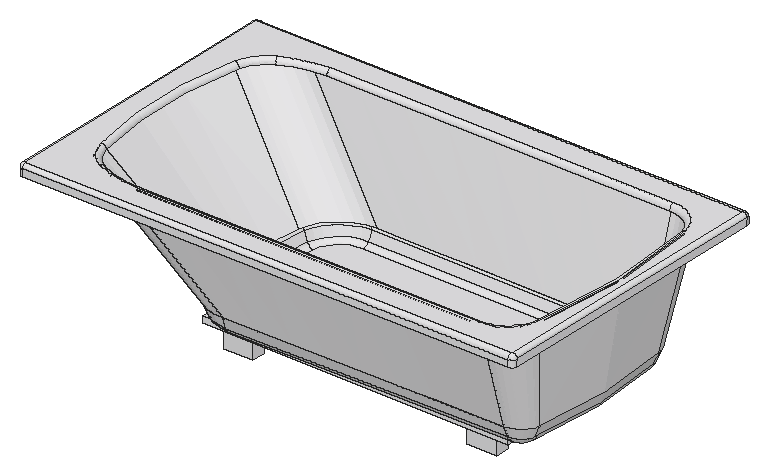
Revit family "Bath-Drop_In-KOHLER-AVEC-K-25832", category Plumbing Fixtures, host Face, Revit 2021 (continued)
Definition of nested family "K-25832"
  Automatic sketch dimensions
    Blend 8 sketch curve to plane 8 = 1.02182"
    plane 1 "Center (Front/Back)" to Blend 9 sketch curve = 0"  (x4)
    Blend 9 sketch curve to plane 14 = 5.20534"
    Blend 9 sketch curve to plane 3 "Center (Left/Right)" = 11.94521"  (x2)
    plane 7 to Blend 9 sketch curve = 2.86751"  (x2)
    Blend 9 sketch curve to plane 15 = 5.6709"
    Blend 9 sketch curve to plane 15 = 5.20534"
    Blend 9 sketch curve to plane 14 = 5.6709"
    Blend 9 sketch curve to Blend 9 sketch curve = 0.03201"  (x2)
    Blend 9 sketch curve to Blend 9 sketch curve = 0"  (x7)
    Blend 9 sketch curve to Blend 9 sketch curve = 0.98517"
    Blend 9 sketch curve to Blend 9 sketch curve = 1.06974"
    Blend 9 sketch curve to Blend 9 sketch curve = 1.37181"
    Blend 9 sketch curve to Blend 9 sketch curve = 1.25522"
    plane 8 to Blend 9 sketch curve = 0.9871"
    Blend 9 sketch curve to Blend 9 sketch curve = 0.016"  (x2)
    Blend 9 sketch curve to Blend 9 sketch curve = 1.16635"  (x2)
    Blend 9 sketch curve to plane 9 = 0.26815"
    Blend 9 sketch curve to Blend 9 sketch curve = 2.36199"
    Blend 9 sketch curve to Blend 9 sketch curve = 0.40981"  (x2)
    Blend 9 sketch curve to Blend 9 sketch curve = 1.18099"
    Blend 9 sketch curve to Blend 9 sketch curve = 0.18155"
    Blend 9 sketch curve to Blend 9 sketch curve = 0.25622"
    plane 13 to Blend 9 sketch curve = 25.76416"
    plane 13 to Blend 9 sketch curve = 34.56286"
    Blend 9 sketch curve to Blend 9 sketch curve = 2.77201"
    Blend 9 sketch curve to Blend 9 sketch curve = 1.36265"
    plane 5 to Blend 9 sketch curve = 8.22966"
    Blend 9 sketch curve to plane 8 = 5.95711"  (x2)
    Blend 9 sketch curve to plane 14 = 0.59055"
    Blend 9 sketch curve to Blend 9 sketch curve = 3.14142"  (x2)
    Blend 9 sketch curve to plane 15 = 0.59055"
    Blend 9 sketch curve to plane 7 = 1.82619"
    plane 7 to Blend 9 sketch curve = 3.79724"  (x2)
    Blend 9 sketch curve to Blend 9 sketch curve = 3.74016"  (x2)
    Blend 9 sketch curve to plane 15 = 5.6883"
    plane 1 "Center (Front/Back)" to Blend 9 sketch curve = 3.01239"
    Blend 9 sketch curve to plane 1 "Center (Front/Back)" = 3.01239"
    Blend 9 sketch curve to plane 14 = 5.6883"
    Blend 9 sketch curve to plane 8 = 1.73812"
    plane 1 "Center (Front/Back)" to Extrusion 11 sketch curve = 0"
    Extrusion 11 sketch curve to plane 7 = 0"
    plane 1 "Center (Front/Back)" to Sweep 12 sketch curve = 0"  (x2)
    Sweep 12 sketch curve to plane 3 "Center (Left/Right)" = 10.39815"
    plane 9 to Sweep 12 sketch curve = 0.9323"
    plane 1 "Center (Front/Back)" to Sweep 12 sketch curve = 6.10412"
    Sweep 12 sketch curve to Sweep 12 sketch curve = 5.44194"
    Sweep 12 sketch curve to plane 8 = 11.56149"
    Sweep 12 sketch curve to Sweep 12 sketch curve = 0"  (x3)
    Sweep 12 sketch curve to plane 15 = 3.13427"
    plane 7 to Sweep 12 sketch curve = 3.96967"
    Sweep 12 sketch curve to plane 15 = 3.42092"
    Sweep 12 sketch curve to Sweep 12 sketch curve = 0.02336"  (x2)
    Sweep 12 sketch curve to Sweep 12 sketch curve = 2.75581"
    plane 9 to Sweep 12 sketch curve = 2.33867"  (x2)
    Sweep 12 sketch curve to Sweep 12 sketch curve = 2.71895"
    Sweep 12 sketch curve to plane 14 = 3.13427"
    Sweep 12 sketch curve to Sweep 12 sketch curve = 5.48865"
    Sweep 12 sketch curve to Sweep 12 sketch curve = 0.04671"
    Blend 4 sketch curve to plane 3 "Center (Left/Right)" = 10.39815"
    plane 9 to Blend 4 sketch curve = 0.9323"
    plane 1 "Center (Front/Back)" to Blend 4 sketch curve = 6.10412"
    Blend 4 sketch curve to Blend 4 sketch curve = 5.37006"
    Blend 4 sketch curve to plane 1 "Center (Front/Back)" = 6.96742"
    Blend 4 sketch curve to plane 15 = 3.20707"
    plane 7 to Blend 4 sketch curve = 3.96905"
    Blend 4 sketch curve to plane 15 = 3.49372"
    Blend 4 sketch curve to Blend 4 sketch curve = 0.02274"  (x2)
    Blend 4 sketch curve to Blend 4 sketch curve = 2.68301"
    plane 9 to Blend 4 sketch curve = 2.4105"  (x2)
    Blend 4 sketch curve to Blend 4 sketch curve = 2.64713"
    Blend 4 sketch curve to plane 14 = 3.20707"
    Blend 4 sketch curve to Blend 4 sketch curve = 5.41616"
    Blend 4 sketch curve to Blend 4 sketch curve = 0.0461"
    plane 1 "Center (Front/Back)" to Extrusion 13 sketch curve = 0"  (x2)
    plane 8 to Extrusion 13 sketch curve = 0.97803"
    plane 7 to Extrusion 13 sketch curve = 3.94631"
    Extrusion 13 sketch curve to plane 15 = 6.17673"
    Extrusion 13 sketch curve to Extrusion 13 sketch curve = 0.00436"  (x2)
    Extrusion 13 sketch curve to Extrusion 13 sketch curve = 0.50736"  (x2)
    Extrusion 13 sketch curve to Extrusion 13 sketch curve = 0"  (x2)
    plane 7 to Extrusion 13 sketch curve = 4.45367"
    Extrusion 13 sketch curve to plane 3 "Center (Left/Right)" = 10.37044"
    Extrusion 13 sketch curve to plane 15 = 5.37584"
    Extrusion 13 sketch curve to Extrusion 13 sketch curve = 0.02772"  (x2)
    Extrusion 13 sketch curve to Extrusion 13 sketch curve = 3.27004"
    Extrusion 13 sketch curve to Extrusion 13 sketch curve = 3.22871"
    Extrusion 13 sketch curve to plane 1 "Center (Front/Back)" = 6.62317"
    Extrusion 13 sketch curve to Extrusion 13 sketch curve = 0.51424"
    Extrusion 13 sketch curve to Extrusion 13 sketch curve = 3.25642"
    Extrusion 13 sketch curve to Extrusion 13 sketch curve = 2.75099"
    profile plane to Sweep 12 sketch curve = 2.24165"
    Sweep 12 sketch curve to Sweep 12 sketch curve = 0.26945"
    Sweep 12 sketch curve to Sweep 12 sketch curve = 0.18304"
    Sweep 12 sketch curve to Sweep 12 sketch curve = 0.73007"
    Sweep 12 sketch curve to Sweep 12 sketch curve = 111/256"
    profile plane to Sweep 12 sketch curve = 0.0728"
    Sweep 12 sketch curve to profile plane = 0.23314"
    level to Sweep 12 sketch curve = 3.07482"
    Sweep 12 sketch curve to Sweep 12 sketch curve = 0.3937"
    Sweep 12 sketch curve to Sweep 12 sketch curve = 0.49244"
    Sweep 12 sketch curve to Sweep 12 sketch curve = 0.02223"
    Sweep 12 sketch curve to Sweep 12 sketch curve = 0.66808"
    Sweep 12 sketch curve to Sweep 12 sketch curve = 0.35196"
    Sweep 12 sketch curve to Sweep 12 sketch curve = 0.3479"
    Sweep 12 sketch curve to Sweep 12 sketch curve = 0.3209"
    plane 8 to Blend 5 sketch curve = 0.97803"
    Blend 5 sketch curve to plane 3 "Center (Left/Right)" = 10.06163"
    Blend 5 sketch curve to plane 15 = 3.60957"
    Blend 5 sketch curve to Blend 5 sketch curve = 0.04605"
    Blend 5 sketch curve to plane 3 "Center (Left/Right)" = 9.89221"
    Blend 5 sketch curve to plane 14 = 3.61102"
    Blend 5 sketch curve to Blend 5 sketch curve = 0.04772"
    plane 7 to Blend 5 sketch curve = 3.51961"
    plane 7 to Blend 5 sketch curve = 3.54176"
    Blend 5 sketch curve to Blend 5 sketch curve = 0.02359"
    Blend 5 sketch curve to Blend 5 sketch curve = 0.02337"
    plane 9 to Blend 5 sketch curve = 0.9323"
    Blend 5 sketch curve to plane 15 = 3.88995"
    Blend 5 sketch curve to Blend 5 sketch curve = 2.75784"
    Blend 5 sketch curve to Blend 5 sketch curve = 5.43288"
    Blend 5 sketch curve to plane 1 "Center (Front/Back)" = 5.50926"
    Blend 5 sketch curve to plane 14 = 6.67349"
    Blend 5 sketch curve to Blend 5 sketch curve = 2.78372"
    Extrusion 15 sketch curve to level = 1.99995"
    Extrusion 15 sketch curve to plane 8 = 12.61426"
    plane 7 to Extrusion 15 sketch curve = 4.14957"
    plane 11 to Extrusion 15 sketch curve = 0.58472"
    plane 11 to Extrusion 15 sketch curve = 0.78253"
    Extrusion 14 sketch curve to plane 14 = 4.76157"
    Extrusion 14 sketch curve to plane 3 "Center (Left/Right)" = 14.30878"
    Extrusion 14 sketch curve to plane 7 = 2.55906"
    plane 7 to Extrusion 14 sketch curve = 3.14367"  (x2)
    Extrusion 14 sketch curve to plane 1 "Center (Front/Back)" = 2.55906"
    Extrusion 14 sketch curve to plane 15 = 5.19125"
    plane 1 "Center (Front/Back)" to Extrusion 14 sketch curve = 2.55906"
    Extrusion 16 sketch curve to plane 14 = 6.27252"
    Extrusion 16 sketch curve to plane 3 "Center (Left/Right)" = 12.54186"  (x2)
    Extrusion 16 sketch curve to plane 15 = 6.12415"  (x2)
    Extrusion 16 sketch curve to Extrusion 16 sketch curve = 3.54331"  (x2)
    Extrusion 16 sketch curve to plane 7 = 2.5705"  (x2)
    plane 7 to Extrusion 16 sketch curve = 0.97281"  (x2)
    Extrusion 16 sketch curve to Extrusion 16 sketch curve = 1.5748"  (x2)
    Extrusion 16 sketch curve to Extrusion 16 sketch curve = 1.66604"
    Extrusion 16 sketch curve to plane 1 "Center (Front/Back)" = 6.90267"
    Extrusion 16 sketch curve to Extrusion 16 sketch curve = 1.57911"
    Revolve 17 sketch curve to plane 7 = 0"  (x2)
    Revolve 17 sketch curve to plane 7 = 1.06226"
    Revolve 17 sketch curve to Revolve 17 sketch curve = 0.1508"
    Revolve 17 sketch curve to Revolve 17 sketch curve = 0.18366"  (x2)
    Revolve 17 sketch curve to Revolve 17 sketch curve = 0.52139"
    plane 11 to Revolve 17 sketch curve = 1.11656"
    plane 11 to Revolve 17 sketch curve = 1.38397"
    Revolve 17 sketch curve to Revolve 17 sketch curve = 9/128"
    Revolve 17 sketch curve to Revolve 17 sketch curve = 1.13801"
    Revolve 17 sketch curve to Revolve 17 sketch curve = 0.34079"
    Revolve 17 sketch curve to Revolve 17 sketch curve = 0.56016"
    plane 11 to Revolve 17 sketch curve = 0.10444"
    Revolve 17 sketch curve to Revolve 17 sketch curve = 0.09843"
    Revolve 18 sketch curve to plane 11 = 0"
    Revolve 18 sketch curve to plane 7 = 0.0048"  (x2)
    Revolve 18 sketch curve to plane 7 = 0"
    Revolve 18 sketch curve to plane 7 = 0.55"
    Revolve 18 sketch curve to Revolve 18 sketch curve = 0.54432"
    Revolve 18 sketch curve to Revolve 18 sketch curve = 0.17722"
    Revolve 18 sketch curve to Revolve 18 sketch curve = 0.03567"
    level to Revolve 18 sketch curve = 0.07758"
    Revolve 18 sketch curve to Revolve 18 sketch curve = 0.2531"
    Revolve 18 sketch curve to Revolve 18 sketch curve = 0.09"
    Revolve 18 sketch curve to Revolve 18 sketch curve = 0.05065"
    Revolve 18 sketch curve to Revolve 18 sketch curve = 0.34382"
    Revolve 18 sketch curve to Revolve 18 sketch curve = 0.54568"
    Revolve 18 sketch curve to Revolve 18 sketch curve = 0.93938"
    Revolve 18 sketch curve to Revolve 18 sketch curve = 0.93158"
    Revolve 18 sketch curve to Revolve 18 sketch curve = 1.1826"
    Revolve 18 sketch curve to Revolve 18 sketch curve = 0.15794"
    Masking region 3 sketch curve to plane 11 = 0"
    curve 15 to plane 16 = 0"
    curve 16 to plane 18 = 0"
    curve 79 to plane 11 = 0"
    plane 11 to curve 72 = 1.33613"
    curve 72 to plane 8 = 12.8941"
    plane 11 to curve 77 = 0.86277"
    curve 78 to curve 77 = 4.88659"
    curve 79 to plane 7 = 0.0001"
    plane 11 to curve 72 = 0.45143"
    plane 7 to curve 72 = 2.99613"
    curve 75 to plane 11 = 0.06753"
    plane 11 to curve 73 = 0.18076"
    curve 15 to plane 8 = 1.98189"
    curve 16 to curve 15 = 0.15203"
    curve 15 to plane 8 = 0.31322"
    plane 11 to curve 74 = 1.06542"
    curve 78 to curve 74 = 0.0016"
    plane 11 to curve 76 = 0.95087"
    curve 74 to curve 76 = 2.01208"
    plane 11 to curve 77 = 0.83821"
    curve 76 to curve 77 = 0.62117"
    curve 75 to curve 79 = 2.56281"
    plane 7 to curve 79 = 0.99747"
    plane 9 to curve 16 = 0.23252"
    curve 78 to curve 72 = 0.05309"
    radius of curve 4 = 1.37795"
    radius of Extrusion 11 sketch curve = 0.93638"
Types (4): name | Type | Model | Finish
  (no name) | 1 | "K-25832-0" | KOHLER-Acrylic-0-White
  0-White | 1 | "K-25832-0" | KOHLER-Acrylic-0-White
  96-Biscuit | 2 | "K-25832-96" | KOHLER-Acrylic-96-Biscuit
  NY-Dune | 3 | "K-25832-NY" | KOHLER-Acrylic-NY-Dune
